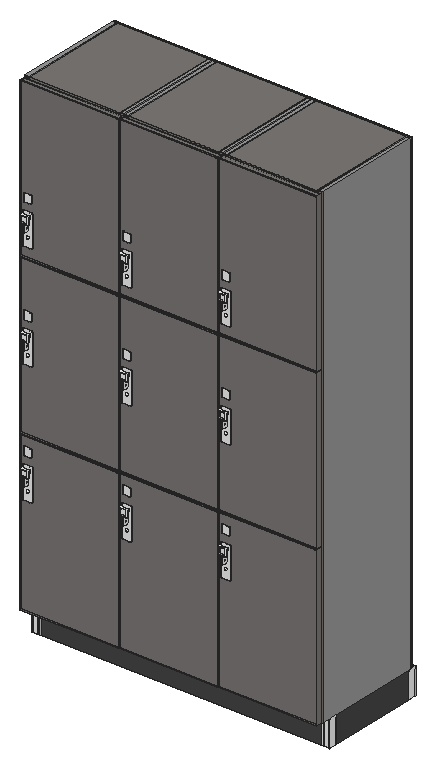
Revit family "Wood_Lockers_Hasps-Salsbury_Industries-15_43000_Series-3_Wide_Units.rfa", category Specialty Equipment, Revit 2016 (continued)
Definition of nested family "Premier Locker Doors_Hasp"
  Forms (in)
    Blend 17, solid
      top sketch origin (-1.875, -1.125, 0) x (0, 0, -1) y (-1, 0, 0)
        loop
          line (-37.93279, 4.80777) -> (-37.93279, 4.06715) -> (-37.19211, 4.06715) -> (-37.19211, 4.80777) -> (-37.93279, 4.80777)
      from 0 to 0.031
    Extrusion 18, solid
      sketch origin (-6.3125, 0, 0) x (0, 0, -1) y (0, -1, 0)
        loop
          line (-35.6844, 1) -> (-36.6844, 1) -> (-36.6844, -0.375) -> (-35.6844, -0.375) -> (-35.6844, 1)
      from -0.063 to 0.063
    Extrusion 19, void
      sketch origin (-6.3125, 35.51803, 36.85077) x (0, 1, 0) y (0, 0, -1)
        loop
          circle (-36.1844, 0.66637) r 0.25
      from -0.063 to 0.063
  Cuts and joins
    Extrusion 5, Extrusion 13 cuts Extrusion 1
    Extrusion 5, Extrusion 11 cuts Extrusion 3
    Extrusion 13 cuts Extrusion 12
    Extrusion 13 cuts Extrusion 2
    Extrusion 19 cuts Extrusion 18
  Lines and regions (in)
    symbolic lines
      curve 1: line (-7.4375, 0.375, 0) -> (7.4375, 0.375, 0)
      curve 2: line (7.4375, 0.375, 0) -> (7.4375, 0.375, 71.75)
      curve 3: line (7.4375, 0.375, 71.75) -> (-7.4375, 0.375, 71.75)
      curve 4: line (-7.4375, 0.375, 71.75) -> (-7.4375, 0.375, 0)
      curve 5: line (-7.4375, 0.375, 71.625) -> (7.4375, 0.375, 71.625)
      curve 6: line (-7.4375, -0.375, 71.625) -> (-7.4375, 0.375, 71.625)
      curve 7: line (7.4375, -0.375, 71.625) -> (-7.4375, -0.375, 71.625)
      curve 8: line (7.4375, 0.375, 71.625) -> (7.4375, -0.375, 71.625)
      curve 9: line (6.8125, 0.375, 71.625) -> (6.8125, 0.625, 71.625)
      curve 10: line (6.8125, 0.625, 71.625) -> (6.3125, 0.625, 71.625)
      curve 11: line (6.3125, 0.625, 71.625) -> (6.3125, 0.375, 71.625)
      curve 12: line (-7.23713, 0.375, 71.625) -> (-7.23713, 0.625, 71.625)
      curve 13: line (-6.7375, 0.375, 71.625) -> (-6.7375, 0.625, 71.625)
      curve 14: line (-6.7375, 0.625, 71.625) -> (-7.23713, 0.625, 71.625)
      curve 15: line (-6.3125, -0.375, 71.75) -> (-6.3125, 0.375, 71.75)
      curve 16: line (-6.3125, -0.375, 0) -> (-6.3125, -0.375, 71.75)
      curve 17: line (-6.3125, 0.375, 0) -> (-6.3125, -0.375, 0)
      curve 18: line (-6.3125, 0.375, 71.75) -> (-6.3125, 0.375, 0)
      curve 19: line (-6.3125, 0.375, 69) -> (-6.3125, 0.625, 69)
      curve 20: line (-6.3125, 0.625, 69) -> (-6.3125, 0.625, 68.5)
      curve 21: line (-6.3125, 0.625, 68.5) -> (-6.3125, 0.375, 68.5)
      curve 22: line (-6.3125, 0.375, 3.25) -> (-6.3125, 0.625, 3.25)
      curve 23: line (-6.3125, 0.625, 3.25) -> (-6.3125, 0.625, 2.75)
      curve 24: line (-6.3125, 0.625, 2.75) -> (-6.3125, 0.375, 2.75)
      curve 25: line (-6.3125, 0.375, 36.125) -> (-6.3125, 0.625, 36.125)
      curve 26: line (-6.3125, 0.625, 36.125) -> (-6.3125, 0.625, 35.625)
      curve 27: line (-6.3125, 0.625, 35.625) -> (-6.3125, 0.375, 35.625)
      curve 28: line (-7.0625, -0.375, 71.625) -> (-5.5625, -0.375, 71.625)
      curve 29: line (-6.9375, -1.125, 38.3125) -> (-5.6875, -1.125, 38.3125)
      curve 30: arc (-5.5625, -1.125, 38.1875) -> (-5.59911, -1.125, 38.27589) -> (-5.6875, -1.125, 38.3125) r 0.125
      curve 31: arc (-6.9375, -1.125, 38.3125) -> (-7.02589, -1.125, 38.27589) -> (-7.0625, -1.125, 38.1875) r 0.125
      curve 32: line (-7.0625, -1.125, 33.5625) -> (-7.0625, -1.125, 38.1875)
      curve 33: line (-5.5625, -1.125, 38.1875) -> (-5.5625, -1.125, 33.5625)
      curve 34: arc (-5.6875, -1.125, 33.4375) -> (-5.59911, -1.125, 33.47411) -> (-5.5625, -1.125, 33.5625) r 0.125
      curve 35: arc (-7.0625, -1.125, 33.5625) -> (-7.02589, -1.125, 33.47411) -> (-6.9375, -1.125, 33.4375) r 0.125
      curve 36: line (-5.6875, -1.125, 33.4375) -> (-6.9375, -1.125, 33.4375)
      curve 37: arc (-6.1245, -1.125, 36.6245) -> (-6.3125, -1.125, 36.8125) -> (-6.5005, -1.125, 36.6245) r 0.188
      curve 38: arc (-6.5005, -1.125, 35.7505) -> (-6.3125, -1.125, 35.5625) -> (-6.1245, -1.125, 35.7505) r 0.188
      curve 39: line (-6.1245, -1.125, 36.6245) -> (-6.1245, -1.125, 35.7505)
      curve 40: line (-6.5005, -1.125, 35.7505) -> (-6.5005, -1.125, 36.6245)
      curve 41: line (-5.6875, -1.125, 36.9375) -> (-6.9375, -1.125, 36.9375)
      curve 42: line (-5.6875, -1.125, 38.1875) -> (-5.6875, -1.125, 36.9375)
      curve 43: line (-6.9375, -1.125, 36.9375) -> (-6.9375, -1.125, 38.1875)
      curve 44: line (-6.9375, -1.125, 38.1875) -> (-5.6875, -1.125, 38.1875)
      curve 45: line (-6.3755, -1.125, 36.6844) -> (-6.2495, -1.125, 36.6844)
      curve 46: line (-6.2495, -1.125, 36.6844) -> (-6.2495, -1.125, 35.6844)
      curve 47: line (-6.3755, -1.125, 35.6844) -> (-6.3755, -1.125, 36.6844)
      curve 48: line (-6.2495, -1.125, 35.6844) -> (-6.3755, -1.125, 35.6844)
      curve 49: line (-6.3125, -1, 36.6844) -> (-6.3125, -0.375, 36.6844)
      curve 50: line (-6.3125, -1, 35.6844) -> (-6.3125, -1, 36.6844)
      curve 51: line (-6.3125, -0.375, 35.6844) -> (-6.3125, -1, 35.6844)
      curve 52: arc (-6.3125, -0.91637, 36.1844) -> (-6.3125, -0.66637, 36.4344) -> (-6.3125, -0.41637, 36.1844) r 0.25
      curve 53: arc (-6.3125, -0.41637, 36.1844) -> (-6.3125, -0.66637, 35.9344) -> (-6.3125, -0.91637, 36.1844) r 0.25
      curve 54: line (-6.3125, -0.375, 37.31817) -> (-6.3125, -0.61642, 37.31817)
      curve 55: arc (-6.3125, -0.77297, 37.19215) -> (-6.3125, -0.71691, 37.28275) -> (-6.3125, -0.61642, 37.31817) r 0.16024
      curve 56: arc (-6.3125, -0.97289, 36.9375) -> (-6.3125, -0.84441, 37.04244) -> (-6.3125, -0.77297, 37.19215) r 0.37946
      curve 57: spline (-6.3125, -1.121, 37.15954) -> (-6.3125, -1.11621, 37.12873) -> (-6.3125, -1.10963, 37.09911) -> (-6.3125, -1.10135, 37.07107) -> (-6.3125, -1.09147, 37.04495) -> (-6.3125, -1.0801, 37.02108) -> (-6.3125, -1.0674, 36.99975) -> (-6.3125, -1.05352, 36.98123) -> (-6.3125, -1.03864, 36.96575) -> (-6.3125, -1.02293, 36.95351) -> (-6.3125, -1.0066, 36.94465) -> (-6.3125, -0.98985, 36.93929) -> (-6.3125, -0.97289, 36.9375)
      curve 58: line (-6.3125, -1.125, 37.15954) -> (-6.3125, -1.125, 37.96546)
      curve 59: spline (-6.3125, -1.121, 37.96546) -> (-6.3125, -1.11621, 37.99627) -> (-6.3125, -1.10963, 38.02589) -> (-6.3125, -1.10135, 38.05393) -> (-6.3125, -1.09147, 38.08005) -> (-6.3125, -1.0801, 38.10392) -> (-6.3125, -1.0674, 38.12525) -> (-6.3125, -1.05352, 38.14377) -> (-6.3125, -1.03864, 38.15925) -> (-6.3125, -1.02293, 38.17149) -> (-6.3125, -1.0066, 38.18035) -> (-6.3125, -0.98985, 38.18571) -> (-6.3125, -0.97289, 38.1875)
      curve 60: arc (-6.3125, -0.97289, 38.1875) -> (-6.3125, -0.84441, 38.08256) -> (-6.3125, -0.77297, 37.93285) r 0.37946
      curve 61: arc (-6.3125, -0.77297, 37.93285) -> (-6.3125, -0.71691, 37.84225) -> (-6.3125, -0.61642, 37.80683) r 0.16024
      curve 62: line (-6.3125, -0.61642, 37.80683) -> (-6.3125, -0.375, 37.80683)
      curve 63: line (-6.55683, -0.61642, 71.625) -> (-6.55683, -0.375, 71.625)
      curve 64: arc (-6.68285, -0.77297, 71.625) -> (-6.59225, -0.71691, 71.625) -> (-6.55683, -0.61642, 71.625) r 0.16024
      curve 65: arc (-6.9375, -0.97289, 71.625) -> (-6.83256, -0.84441, 71.625) -> (-6.68285, -0.77297, 71.625) r 0.37946
      curve 66: line (-5.90954, -1.125, 71.625) -> (-6.71546, -1.125, 71.625)
      curve 67: spline (-5.90954, -1.121, 71.625) -> (-5.87873, -1.11621, 71.625) -> (-5.84911, -1.10963, 71.625) -> (-5.82107, -1.10135, 71.625) -> (-5.79495, -1.09147, 71.625) -> (-5.77108, -1.0801, 71.625) -> (-5.74975, -1.0674, 71.625) -> (-5.73123, -1.05352, 71.625) -> (-5.71575, -1.03864, 71.625) -> (-5.70351, -1.02293, 71.625) -> (-5.69465, -1.0066, 71.625) -> (-5.68929, -0.98985, 71.625) -> (-5.6875, -0.97289, 71.625)
      curve 68: arc (-5.6875, -0.97289, 71.625) -> (-5.79244, -0.84441, 71.625) -> (-5.94215, -0.77297, 71.625) r 0.37946
      curve 69: arc (-5.94215, -0.77297, 71.625) -> (-6.03275, -0.71691, 71.625) -> (-6.06817, -0.61642, 71.625) r 0.16024
      curve 70: line (-6.06817, -0.375, 71.625) -> (-6.06817, -0.61642, 71.625)
      curve 71: spline (-6.71546, -1.121, 71.625) -> (-6.74627, -1.11621, 71.625) -> (-6.77589, -1.10963, 71.625) -> (-6.80393, -1.10135, 71.625) -> (-6.83005, -1.09147, 71.625) -> (-6.85392, -1.0801, 71.625) -> (-6.87525, -1.0674, 71.625) -> (-6.89377, -1.05352, 71.625) -> (-6.90925, -1.03864, 71.625) -> (-6.92149, -1.02293, 71.625) -> (-6.93035, -1.0066, 71.625) -> (-6.93571, -0.98985, 71.625) -> (-6.9375, -0.97289, 71.625)
    reference lines
      curve 72: line (-7.4375, 0, 71.75) -> (6.8435, 0, 71.75)
      curve 73: line (6.8435, 0, 71.75) -> (-7.4375, 0, 71.75)
  Dimensions and locks (in)
    equal spacing: plane 4 "Left Side of Door", plane 3 "Center (Left/Right)", plane 5 "Right Side of Door"
    "Width": plane 4 "Left Side of Door" to plane 5 "Right Side of Door"
    equal spacing: plane 7 "Front of Door", plane 1 "Center (Front/Back)", plane 6 "Back of Door"
    "Depth": plane 7 "Front of Door" to plane 6 "Back of Door"
    equal spacing: plane 9 "Top of Door", plane 10 "Center of Door", plane 8 "Bottom of Door"
    "Height": plane 9 "Top of Door" to plane 8 "Bottom of Door"
    equal spacing: plane 11 "Top of Number Tag", plane 16 "Center of Number Tag", plane 12 "Bottom of Number Tag"
    "Number Tag Height": plane 11 "Top of Number Tag" to plane 12 "Bottom of Number Tag"
    equal spacing: plane 14 "Right Side of Number Tag", plane 15 "Horizontal Center of Number Tag", plane 13 "Left Side of Number Tag"
    "Number Tag Width": plane 14 "Right Side of Number Tag" to plane 13 "Left Side of Number Tag"
    "Number Tag-Horizontal Offset": plane 15 "Horizontal Center of Number Tag" to plane 5 "Right Side of Door"
    "Number Tag-Vertical Offset": plane 9 "Top of Door" to plane 16 "Center of Number Tag"
    "Lock Horizontal Offset": plane 4 "Left Side of Door" to plane 17 "Left Side of Lock"
    equal spacing: plane 20 "Top of Lock", plane 19 "Lock Vertical Center", plane 21 "Bottom of Lock"
    "Lock Height": plane 20 "Top of Lock" to plane 21 "Bottom of Lock"
    "Lock Vertical Offset": plane 9 "Top of Door" to plane 19 "Lock Vertical Center"
    plane 22 "Front of Hasp Stud" to plane 7 "Front of Door" = 0.125"
    locked: plane 24 "Right Side of Door-Left Side of Trim" to plane 5 "Right Side of Door" at 0.125
    locked: plane 4 "Left Side of Door" to plane 23 "Left Side of Door-Right Side of Trim" at 0.125
    locked: plane 9 "Top of Door" to plane 25 "Top of Door-Bottom of Trim" at 0.125
    plane 26 "Bottom of Door-Top of Trim" to plane 8 "Bottom of Door" = 0.125"
    plane 28 "Melamine-Particleboard Line" to plane 6 "Back of Door" = 0.031"
    plane 7 "Front of Door" to plane 27 "Laminate-Particleboard Line" = 0.031"
    plane 27 "Laminate-Particleboard Line" to plane 29 "Back of Number Plate Inset" = 0.031"
    equal spacing: plane 18 "Right Side of Lock", plane 30 "Center of Lock", plane 17 "Left Side of Lock", locked at 0.75 each
    "Lock Width": plane 18 "Right Side of Lock" to plane 17 "Left Side of Lock"
    plane 22 "Front of Hasp Stud" to plane 31 = 0.312"
    plane 6 "Back of Door" to plane 32 "Door Stopper Plane" = 0.250"
    locked: plane 23 "Left Side of Door-Right Side of Trim" to plane 33 at 0.325
    locked: plane 25 "Top of Door-Bottom of Trim" to plane 34 at 0.325
    locked: plane 9 "Top of Door" to plane 35 "Top Hinge" at 3
    plane 36 to plane 5 "Right Side of Door" = 0.625"
    plane 6 "Back of Door" to plane 28 "Melamine-Particleboard Line" = 0.031"
    plane 9 "Top of Door" to plane 25 "Top of Door-Bottom of Trim" = 0.125"
    plane 7 "Front of Door" to plane 38 "Inner Knob" = 0.719"
    locked: plane 38 "Inner Knob" to plane 39 "Front of Knob" at 0.031
    locked: plane 40 to plane 20 "Top of Lock" at 1.125
    locked: plane 21 "Bottom of Lock" to plane 41 at 1.125
    locked: plane 20 "Top of Lock" to plane 42 at 0.125
    locked: plane 18 "Right Side of Lock" to plane 43 at 0.125
    locked: plane 44 to plane 17 "Left Side of Lock" at 0.125
    plane 42 to plane 45 = 1.250"
    locked: plane 45 to plane 46 "Top of Hole" at 0.125
    plane 48 to plane 30 "Center of Lock" to plane 47 = 0.188" locked, 0.188" locked
    locked: plane 46 "Top of Hole" to plane 49 "Bottom of Hole" at 1.25
    plane 49 "Bottom of Hole" to plane 50 "Stud Alignment" = 0.750"
    locked: plane 42 to plane 51 "Center of Handle" at 0.625
    plane 52 to plane 51 "Center of Handle" to plane 53 = 0.188" locked, 0.188" locked
    plane 7 "Front of Door" to plane 39 "Front of Knob" = 0.750"
    locked: plane 42 to plane 54 at 0.22204
    locked: plane 55 to plane 45 at 0.22204
    locked: plane 7 "Front of Door" to plane 56 "Front of Latch" at 0.625
    locked: plane 57 to plane 58 at 1
    locked: plane 46 "Top of Hole" to plane 57 at 0.1281
    equal spacing: plane 58, plane 59, plane 57
    locked: plane 60 to plane 5 "Right Side of Door" at 0.594
    locked: plane 57 to plane 61 at 0.0599
    locked: plane 62 to plane 58 at 0.06376
    plane 12 "Bottom of Number Tag" to plane 20 "Top of Lock" = 1.1875"
    aligned and locked: level to plane 2
    aligned and locked: Extrusion 5 to plane 11 "Top of Number Tag"
    aligned and locked: plane 12 "Bottom of Number Tag" to Extrusion 5
    aligned and locked: Extrusion 5 to plane 14 "Right Side of Number Tag"
    aligned and locked: Extrusion 5 to plane 13 "Left Side of Number Tag"
    aligned and locked: plane 29 "Back of Number Plate Inset" to Extrusion 5
    aligned and locked: plane 7 "Front of Door" to Extrusion 5
    aligned and locked: plane 29 "Back of Number Plate Inset" to Extrusion 6
    aligned and locked: plane 7 "Front of Door" to Extrusion 6
    aligned and locked: Extrusion 6 to plane 14 "Right Side of Number Tag"
    aligned and locked: Extrusion 6 to plane 13 "Left Side of Number Tag"
    aligned and locked: Extrusion 6 to plane 11 "Top of Number Tag"
    aligned and locked: plane 12 "Bottom of Number Tag" to Extrusion 6
    aligned and locked: curve 9 to Extrusion 8
    aligned and locked: curve 10 to Extrusion 8
    aligned and locked: curve 11 to Extrusion 8
    aligned and locked: Extrusion 7 to curve 12
    aligned and locked: curve 14 to Extrusion 7
    aligned and locked: curve 16 to plane 7 "Front of Door"
    aligned and locked: curve 19 to Extrusion 8  (x2)
    aligned and locked: curve 21 to Extrusion 8
    aligned and locked: curve 18 to curve 22
    aligned and locked: curve 22 to Extrusion 9  (x2)
    aligned and locked: curve 24 to Extrusion 9
    aligned and locked: curve 25 to Extrusion 10
    aligned and locked: curve 26 to Extrusion 10
    aligned and locked: curve 27 to Extrusion 10
    aligned and locked: plane 20 "Top of Lock" to Extrusion 11 sketch curve
    aligned and locked: Extrusion 11 sketch curve to plane 21 "Bottom of Lock"
    aligned and locked: Extrusion 11 to plane 29 "Back of Number Plate Inset"
    aligned and locked: plane 7 "Front of Door" to Extrusion 11
    aligned and locked: Extrusion 3 to Extrusion 11
    aligned and locked: Sweep 14 to plane 50 "Stud Alignment"  (x2)
    aligned and locked: Extrusion 15 to plane 7 "Front of Door"
    aligned and locked: Extrusion 15 to plane 22 "Front of Hasp Stud"
    aligned and locked: Extrusion 15 to plane 50 "Stud Alignment"
    aligned and locked: Blend 17 to plane 39 "Front of Knob"
    aligned and locked: plane 38 "Inner Knob" to Blend 17
    aligned and locked: plane 6 "Back of Door" to Extrusion 18 sketch curve
    aligned and locked: plane 56 "Front of Latch" to Extrusion 18 sketch curve
    aligned and locked: Extrusion 18 to plane 57
    aligned and locked: plane 58 to Extrusion 18
    aligned and locked: plane 59 to cut or joined group of Extrusion 18, Extrusion 19
    aligned and locked: Extrusion 13 sketch curve to plane 61  (x2)
    aligned and locked: Extrusion 13 sketch curve to plane 62  (x2)
  Automatic sketch dimensions
    Extrusion 1 sketch curve to plane 4 "Left Side of Door" = 0.031"
    plane 5 "Right Side of Door" to Extrusion 1 sketch curve = 0.031"
    level to Extrusion 1 sketch curve = 0.031"
    plane 9 "Top of Door" to Extrusion 1 sketch curve = 0.031"
    Extrusion 2 sketch curve to plane 4 "Left Side of Door" = 0.031"
    plane 5 "Right Side of Door" to Extrusion 2 sketch curve = 0.031"
    level to Extrusion 2 sketch curve = 0.031"
    plane 9 "Top of Door" to Extrusion 2 sketch curve = 0.031"
    Extrusion 3 sketch curve to plane 4 "Left Side of Door" = 0.031"
    plane 5 "Right Side of Door" to Extrusion 3 sketch curve = 0.031"
    level to Extrusion 3 sketch curve = 0.031"
    plane 9 "Top of Door" to Extrusion 3 sketch curve = 0.031"
    plane 23 "Left Side of Door-Right Side of Trim" to Sweep 4 sketch curve = 0.000"
    plane 24 "Right Side of Door-Left Side of Trim" to Sweep 4 sketch curve = 0.000"  (x2)
    Sweep 4 sketch curve to plane 26 "Bottom of Door-Top of Trim" = 0.000"
    Sweep 4 sketch curve to plane 25 "Top of Door-Bottom of Trim" = 0.000"
    profile plane to Sweep 4 sketch curve = 0.125"
    Sweep 4 sketch curve to Sweep 4 sketch curve = 0.031"
    Sweep 4 sketch curve to plane 1 "Center (Front/Back)" = 0.375"
    plane 1 "Center (Front/Back)" to Sweep 4 sketch curve = 0.375"
    Extrusion 7 sketch curve to plane 33 = 0.000"
    Extrusion 7 sketch curve to plane 34 = 0.000"
    plane 36 to Extrusion 8 sketch curve = 0.000"
    Extrusion 8 sketch curve to Extrusion 8 sketch curve = 0.500"
    plane 35 "Top Hinge" to Extrusion 8 sketch curve = 0.250"
    Extrusion 8 sketch curve to plane 35 "Top Hinge" = 0.250"
    plane 36 to Extrusion 9 sketch curve = 0.000"
    Extrusion 9 sketch curve to Extrusion 9 sketch curve = 0.500"
    plane 37 "Bottom Hinge" to Extrusion 9 sketch curve = 0.250"
    Extrusion 9 sketch curve to plane 37 "Bottom Hinge" = 0.250"
    plane 36 to Extrusion 10 sketch curve = 0.000"
    Extrusion 10 sketch curve to Extrusion 10 sketch curve = 0.500"
    curve 4 to level = 0.000"
    plane 4 "Left Side of Door" to curve 4 = 0.000"
    plane 5 "Right Side of Door" to curve 3 = 0.000"
    curve 3 to plane 9 "Top of Door" = 0.000"
    Extrusion 5 sketch curve to plane 13 "Left Side of Number Tag" = 0.000"
    Extrusion 5 sketch curve to plane 12 "Bottom of Number Tag" = 0.000"
    Extrusion 5 sketch curve to plane 11 "Top of Number Tag" = 0.000"
    Extrusion 5 sketch curve to plane 14 "Right Side of Number Tag" = 0.000"
    Extrusion 6 sketch curve to plane 13 "Left Side of Number Tag" = 0.000"
    Extrusion 6 sketch curve to plane 12 "Bottom of Number Tag" = 0.000"
    Extrusion 6 sketch curve to plane 11 "Top of Number Tag" = 0.000"
    Extrusion 6 sketch curve to plane 14 "Right Side of Number Tag" = 0.000"
    Extrusion 11 sketch curve to plane 13 "Left Side of Number Tag" = 0.125"
    Extrusion 10 sketch curve to plane 10 "Center of Door" = 0.250"
    plane 10 "Center of Door" to Extrusion 10 sketch curve = 0.250"
    Extrusion 11 sketch curve to plane 21 "Bottom of Lock" = 0.125"
    plane 13 "Left Side of Number Tag" to Extrusion 5 sketch curve = 0.14916"
    Extrusion 5 sketch curve to Extrusion 5 sketch curve = 0.14916"  (x2)
    plane 13 "Left Side of Number Tag" to Extrusion 6 sketch curve = 0.14916"
    Extrusion 6 sketch curve to plane 12 "Bottom of Number Tag" = 0.14916"
    plane 13 "Left Side of Number Tag" to Extrusion 11 sketch curve = 0.000"  (x2)
    Extrusion 5 sketch curve to plane 12 "Bottom of Number Tag" = 0.14916"
    Extrusion 6 sketch curve to plane 14 "Right Side of Number Tag" = 0.14916"  (x2)
    plane 14 "Right Side of Number Tag" to Extrusion 11 sketch curve = 0.000"  (x2)
    Extrusion 12 sketch curve to plane 17 "Left Side of Lock" = 0.000"
    plane 13 "Left Side of Number Tag" to Extrusion 12 sketch curve = 0.000"  (x2)
    plane 14 "Right Side of Number Tag" to Extrusion 12 sketch curve = 0.000"  (x2)
    Extrusion 12 sketch curve to plane 20 "Top of Lock" = 0.000"
    Extrusion 12 sketch curve to plane 18 "Right Side of Lock" = 0.000"
    Extrusion 12 sketch curve to plane 21 "Bottom of Lock" = 0.125"
    plane 15 "Horizontal Center of Number Tag" to Sweep 14 sketch curve = 0.000"
    Sweep 14 sketch curve to plane 50 "Stud Alignment" = 0.000"
    Sweep 14 sketch curve to plane 7 "Front of Door" = 0.000"
    Sweep 14 sketch curve to profile plane = 0.000"
    profile plane to Sweep 14 sketch curve = 0.00168"
    profile plane to Sweep 14 sketch curve = 0.156"
    Sweep 14 sketch curve to plane 7 "Front of Door" = 0.03275"
    Extrusion 15 sketch curve to Extrusion 15 sketch curve = 0.000"  (x2)
    Extrusion 15 sketch curve to plane 50 "Stud Alignment" = 0.000"
    plane 15 "Horizontal Center of Number Tag" to Extrusion 15 sketch curve = 0.000"
    plane 15 "Horizontal Center of Number Tag" to Extrusion 15 sketch curve = 0.010"
    plane 13 "Left Side of Number Tag" to Sweep 16 sketch curve = 0.000"
    plane 14 "Right Side of Number Tag" to Sweep 16 sketch curve = 0.000"
    Sweep 16 sketch curve to plane 45 = 0.000"
    Sweep 16 sketch curve to plane 42 = 0.000"
    Sweep 16 sketch curve to plane 7 "Front of Door" = 0.000"
    profile plane to Sweep 16 sketch curve = 0.000"
    profile plane to Sweep 16 sketch curve = 0.22043"
    Sweep 16 sketch curve to Sweep 16 sketch curve = 0.01681"
    profile plane to Sweep 16 sketch curve = 0.33926"
    Sweep 16 sketch curve to Sweep 16 sketch curve = 0.14344"
    Sweep 16 sketch curve to Sweep 16 sketch curve = 0.15329"
    Sweep 16 sketch curve to Sweep 16 sketch curve = 0.59563"
    Sweep 16 sketch curve to Sweep 16 sketch curve = 0.24142"
    Sweep 16 sketch curve to Sweep 16 sketch curve = 0.00858"
    Sweep 16 sketch curve to Sweep 16 sketch curve = 0.51788"
    Sweep 16 sketch curve to Sweep 16 sketch curve = 0.31119"
    Sweep 16 sketch curve to Sweep 16 sketch curve = 0.11721"
    Sweep 16 sketch curve to Sweep 16 sketch curve = 0.01742"
    Sweep 16 sketch curve to Sweep 16 sketch curve = 0.06553"
    Sweep 16 sketch curve to Sweep 16 sketch curve = 0.000"
    Blend 17 sketch curve to plane 54 = 0.000"
    Blend 17 sketch curve to plane 55 = 0.000"
    Blend 17 sketch curve to plane 47 = 0.21496"
    plane 48 to Blend 17 sketch curve = 0.21496"
    plane 54 to Blend 17 sketch curve = 0.03267"
    Blend 17 sketch curve to plane 40 = 0.00461"
    Blend 17 sketch curve to plane 47 = 0.18235"
    plane 48 to Blend 17 sketch curve = 0.18227"
    Extrusion 18 sketch curve to plane 57 = 0.000"
    Extrusion 18 sketch curve to plane 58 = 0.000"
    plane 59 to Extrusion 19 sketch curve = 0.000"
    Extrusion 19 sketch curve to plane 22 "Front of Hasp Stud" = 0.16637"
    curve 29 to plane 14 "Right Side of Number Tag" = 0.000"
    curve 29 to plane 20 "Top of Lock" = 0.000"
    curve 30 to plane 18 "Right Side of Lock" = 0.000"
    curve 29 to plane 13 "Left Side of Number Tag" = 0.000"
    curve 31 to plane 42 = 0.000"
    curve 32 to plane 21 "Bottom of Lock" = 0.125"
    curve 34 to plane 14 "Right Side of Number Tag" = 0.000"
    curve 35 to plane 13 "Left Side of Number Tag" = 0.000"
    plane 15 "Horizontal Center of Number Tag" to curve 37 = 0.000"
    plane 47 to curve 37 = 0.000"
    plane 57 to curve 37 = 0.0599"
    curve 39 to plane 58 = 0.0661"
    curve 42 to plane 14 "Right Side of Number Tag" = 0.000"
    curve 41 to plane 13 "Left Side of Number Tag" = 0.000"
    curve 41 to plane 45 = 0.000"
    curve 43 to plane 42 = 0.000"
    curve 46 to plane 57 = 0.000"
    curve 46 to plane 15 "Horizontal Center of Number Tag" = 0.063"
    plane 15 "Horizontal Center of Number Tag" to curve 45 = 0.063"
    curve 47 to plane 58 = 0.000"
    curve 15 to plane 6 "Back of Door" = 0.000"
    plane 9 "Top of Door" to curve 15 = 0.000"
    plane 57 to curve 49 = 0.000"
    curve 51 to plane 56 "Front of Latch" = 0.000"
    plane 58 to curve 51 = 0.000"
    curve 17 to level = 0.000"
    plane 59 to curve 52 = 0.000"
    curve 53 to plane 22 "Front of Hasp Stud" = 0.16637"
    plane 7 "Front of Door" to curve 53 = 0.04137"
    plane 53 to curve 54 = 0.05633"
    curve 54 to plane 22 "Front of Hasp Stud" = 0.11642"
    plane 55 to curve 55 = 0.00161"
    curve 55 to plane 40 = 0.00465"
    plane 45 to curve 56 = 0.000"
    curve 56 to plane 39 "Front of Knob" = 0.01788"
    curve 56 to plane 40 = 0.08926"
    plane 55 to curve 57 = 0.000"
    curve 57 to plane 40 = 0.03757"
    plane 39 "Front of Knob" to curve 57 = 0.004"
    plane 42 to curve 60 = 0.000"
    curve 58 to plane 39 "Front of Knob" = 0.000"
    plane 54 to curve 58 = 0.000"
    plane 54 to curve 59 = 0.000"
    plane 55 to curve 58 = 0.000"
    curve 60 to plane 39 "Front of Knob" = 0.01788"
    curve 60 to plane 52 = 0.09774"
    plane 54 to curve 60 = 0.03261"
    plane 56 "Front of Latch" to curve 59 = 0.02711"
    plane 54 to curve 59 = 0.06553"
    plane 39 "Front of Knob" to curve 59 = 0.004"
    curve 61 to plane 54 = 0.00161"
    curve 61 to plane 22 "Front of Hasp Stud" = 0.11642"
    plane 6 "Back of Door" to curve 9 = 0.000"
    curve 6 to plane 4 "Left Side of Door" = 0.000"
    plane 7 "Front of Door" to curve 6 = 0.000"
    plane 7 "Front of Door" to curve 28 = 0.000"
    curve 67 to plane 14 "Right Side of Number Tag" = 0.000"
    curve 65 to plane 13 "Left Side of Number Tag" = 0.000"
    curve 66 to plane 39 "Front of Knob" = 0.000"
    curve 28 to plane 17 "Left Side of Lock" = 0.000"
    curve 28 to plane 18 "Right Side of Lock" = 0.000"
    curve 8 to plane 5 "Right Side of Door" = 0.000"
    curve 64 to plane 22 "Front of Hasp Stud" = 0.11642"
    curve 69 to plane 22 "Front of Hasp Stud" = 0.11642"
    curve 68 to plane 39 "Front of Knob" = 0.01788"
    curve 65 to plane 39 "Front of Knob" = 0.01788"
    curve 14 to plane 23 "Left Side of Door-Right Side of Trim" = 0.07537"
    plane 48 to curve 64 = 0.21657"
    plane 48 to curve 65 = 0.09774"
    plane 48 to curve 63 = 0.05633"
    curve 70 to plane 47 = 0.05633"
    curve 68 to plane 47 = 0.09774"
    curve 69 to curve 69 = 0.16024"
    curve 64 to curve 65 = 0.15655"
    curve 69 to curve 68 = 0.15655"
    plane 39 "Front of Knob" to curve 67 = 0.004"
    plane 33 to curve 14 = 0.250"
    curve 66 to curve 65 = 0.11721"
    curve 67 to plane 47 = 0.14943"
    curve 68 to curve 66 = 0.11721"
    curve 67 to curve 66 = 0.000"
    plane 39 "Front of Knob" to curve 71 = 0.004"
    curve 71 to curve 66 = 0.000"
    plane 48 to curve 71 = 0.14943"
    plane 1 "Center (Front/Back)" to curve 73 = 0.000"
    curve 73 to plane 4 "Left Side of Door" = 0.000"
    curve 73 to plane 60 = 0.000"
    plane 48 to Extrusion 13 sketch curve = 0.000"
    plane 15 "Horizontal Center of Number Tag" to Extrusion 13 sketch curve = 0.000"
    radius of Extrusion 7 sketch curve = 0.250"
    radius of Sweep 14 sketch curve = 0.010"
    radius of Extrusion 19 sketch curve = 0.250"
Definition of nested family "Wood Locker Bases"
  Parameters (values of type "Base - 12" W x 15" D Lockers")
    Width = 12.000"
    Visible Base = yes
    Visible = no
    Model = "Base - 12\" W x 15\" D Lockers"
    Manufacturer = "Salsbury Industries"
    Height = 4.000"
    Depth = 13.250"
    Base Secondary Material = none
    Base Primary Materials = none
    Base Hardware = none
  Types (14): name | Width | Visible Base | Visible | Model | Depth
    (no name) | 12.000" | yes | no | "Base - 12\" W x 15\" D Lockers" | 13.250"
    Base - 12" W x 15" D Lockers | 12.000" | yes | no | "Base - 12\" W x 15\" D Lockers" | 13.250"
    Base - 12" W x 18" D Lockers | 12.000" | yes | no | "Base - 12\" W x 18\" D Lockers" | 16.250"
    Base - 12" W x 21" D Lockers | 12.000" | yes | no | "Base - 12\" W x 21\" D Lockers" | 19.250"
    Base - 36" W x 15" D Lockers | 36.000" | yes | yes | "Base - 36\" W x 15\" D Lockers" | 13.250"
    Base - 36" W x 18" D Lockers | 36.000" | yes | yes | "Base - 36\" W x 18\" D Lockers" | 16.250"
    Base - 36" W x 21" D Lockers | 36.000" | yes | yes | "Base - 36\" W x 21\" D Lockers" | 19.250"
    Base - 15" W x 18" D Lockers | 15.000" | yes | no | "Base - 15\" W x 18\" D Lockers" | 16.250"
    Base - 15" W x 21" D Lockers | 15.000" | yes | no | "Base - 15\" W x 21\" D Lockers" | 19.250"
    Base - 15" W x 24" D Lockers | 15.000" | yes | no | "Base - 15\" W x 24\" D Lockers" | 22.250"
    Base - 45" W x 18" D Lockers | 45.000" | yes | yes | "Base - 45\" W x 18\" D Lockers" | 16.250"
    Base - 45" W x 21" D Lockers | 45.000" | yes | yes | "Base - 45\" W x 21\" D Lockers" | 19.250"
    Base - 45" W x 24" D Lockers | 45.000" | yes | yes | "Base - 45\" W x 24\" D Lockers" | 22.250"
    None | 12.000" | no | no | "Base - 12\" W x 15\" D Lockers" | 13.250"
  Reference planes (in)
    plane 1 "Center (Front/Back)": y = 0
    plane 2: z = 0
    plane 3 "Center (Left/Right)": x = 0
    plane 4 "Left Edge": x = -6
    plane 5 "Right Edge": x = 6
    plane 6 "Back Edge": y = 6.625
    plane 7 "Front Edge": y = -6.625
    plane 8 "Bottom Edge": z = 0
    plane 9 "Top Edge": z = 4
    plane 10: x = -4.75
    plane 11: x = -4.102
    plane 12: y = 6.562
    plane 13: y = 5.8
    plane 14: x = -5.131
    plane 15: x = -5.256
    plane 16: x = -5.937
    plane 17: x = -5.175
    plane 18: y = 4.727
    plane 19: y = 5.375
    plane 20: y = 5.756
    plane 21: y = 5.881
    plane 22: x = -5.931
    plane 23: x = 5.931
    plane 24: y = 6.556
    plane 25: y = -6.556
    plane 26: y = 6.525
    plane 27: y = -6.525
    plane 28: x = -5.9
    plane 29: x = 5.9
    plane 30: x = -2.375
    plane 31: x = 2.375
  Forms (in)
    Extrusion 1, solid, material <- "Base Hardware", visible <- "Visible Base"
      sketch origin (0, 0, 0) x (1, 0, 0) y (0, 1, 0)
        loop
          arc (-5.96712, 6.625) -> (-5.99098, 6.61598) -> (-6, 6.59212) r 0.031
          line (-6, 6.59212) -> (-6, 5.4065)
          arc (-6, 5.4065) -> (-5.9685, 5.375) -> (-5.937, 5.4065) r 0.0315
          line (-5.937, 5.4065) -> (-5.937, 5.756) -> (-5.837, 5.756) -> (-5.837, 5.819) -> (-5.937, 5.819) -> (-5.937, 6.51465) -> (-5.256, 5.83365) -> (-5.256, 5.756) -> (-5.175, 5.756) -> (-5.175, 4.75833)
          arc (-5.175, 4.75833) -> (-5.14367, 4.727) -> (-5.11235, 4.75833) r 0.03133
          line (-5.11235, 4.75833) -> (-5.11235, 5.73703) -> (-4.13348, 5.73703)
          arc (-4.13348, 5.73703) -> (-4.102, 5.76852) -> (-4.13348, 5.8) r 0.03148
          line (-4.13348, 5.8) -> (-5.131, 5.8) -> (-5.131, 5.881) -> (-5.21422, 5.881) -> (-5.89522, 6.562) -> (-5.194, 6.562) -> (-5.194, 6.462) -> (-5.131, 6.462) -> (-5.131, 6.562) -> (-4.7814, 6.562)
          arc (-4.7814, 6.562) -> (-4.7499, 6.5935) -> (-4.7814, 6.625) r 0.0315
          line (-4.7814, 6.625) -> (-5.96712, 6.625)
      from 0 to 4
    Extrusion 2, solid, material <- "Base Hardware", visible <- "Visible Base"
      sketch origin (0, 0, 0) x (-1, 0, 0) y (0, -1, 0)
        loop
          line (-5.96712, -6.625) -> (-4.7814, -6.625)
          arc (-4.7814, -6.625) -> (-4.7499, -6.5935) -> (-4.7814, -6.562) r 0.0315
          line (-4.7814, -6.562) -> (-5.131, -6.562) -> (-5.131, -6.462) -> (-5.194, -6.462) -> (-5.194, -6.562) -> (-5.89522, -6.562) -> (-5.21422, -5.881) -> (-5.131, -5.881) -> (-5.131, -5.8) -> (-4.13348, -5.8)
          arc (-4.13348, -5.8) -> (-4.102, -5.76852) -> (-4.13348, -5.73703) r 0.03148
          line (-4.13348, -5.73703) -> (-5.11235, -5.73703) -> (-5.11235, -4.75833)
          arc (-5.11235, -4.75833) -> (-5.14367, -4.727) -> (-5.175, -4.75833) r 0.03133
          line (-5.175, -4.75833) -> (-5.175, -5.756) -> (-5.256, -5.756) -> (-5.256, -5.83365) -> (-5.937, -6.51465) -> (-5.937, -5.819) -> (-5.837, -5.819) -> (-5.837, -5.756) -> (-5.937, -5.756) -> (-5.937, -5.4065)
          arc (-5.937, -5.4065) -> (-5.9685, -5.375) -> (-6, -5.4065) r 0.0315
          line (-6, -5.4065) -> (-6, -6.59212)
          arc (-6, -6.59212) -> (-5.99098, -6.61598) -> (-5.96712, -6.625) r 0.031
      from 0 to 4
    Extrusion 3, solid, material <- "Base Hardware", visible <- "Visible Base"
      sketch origin (0, 0, 0) x (1, 0, 0) y (0, 1, 0)
        loop
          line (-5.96712, -6.625) -> (-4.7814, -6.625)
          arc (-4.7814, -6.625) -> (-4.7499, -6.5935) -> (-4.7814, -6.562) r 0.0315
          line (-4.7814, -6.562) -> (-5.131, -6.562) -> (-5.131, -6.462) -> (-5.194, -6.462) -> (-5.194, -6.562) -> (-5.89522, -6.562) -> (-5.21422, -5.881) -> (-5.131, -5.881) -> (-5.131, -5.8) -> (-4.13348, -5.8)
          arc (-4.13348, -5.8) -> (-4.102, -5.76852) -> (-4.13348, -5.73703) r 0.03148
          line (-4.13348, -5.73703) -> (-5.11235, -5.73703) -> (-5.11235, -4.75833)
          arc (-5.11235, -4.75833) -> (-5.14367, -4.727) -> (-5.175, -4.75833) r 0.03133
          line (-5.175, -4.75833) -> (-5.175, -5.756) -> (-5.256, -5.756) -> (-5.256, -5.83365) -> (-5.937, -6.51465) -> (-5.937, -5.819) -> (-5.837, -5.819) -> (-5.837, -5.756) -> (-5.937, -5.756) -> (-5.937, -5.4065)
          arc (-5.937, -5.4065) -> (-5.9685, -5.375) -> (-6, -5.4065) r 0.0315
          line (-6, -5.4065) -> (-6, -6.59212)
          arc (-6, -6.59212) -> (-5.99098, -6.61598) -> (-5.96712, -6.625) r 0.031
      from 0 to 4
    Extrusion 4, solid, material <- "Base Hardware", visible <- "Visible Base"
      sketch origin (0, 0, 0) x (-1, 0, 0) y (0, -1, 0)
        loop
          arc (-5.96712, 6.625) -> (-5.99098, 6.61598) -> (-6, 6.59212) r 0.031
          line (-6, 6.59212) -> (-6, 5.4065)
          arc (-6, 5.4065) -> (-5.9685, 5.375) -> (-5.937, 5.4065) r 0.0315
          line (-5.937, 5.4065) -> (-5.937, 5.756) -> (-5.837, 5.756) -> (-5.837, 5.819) -> (-5.937, 5.819) -> (-5.937, 6.51465) -> (-5.256, 5.83365) -> (-5.256, 5.756) -> (-5.175, 5.756) -> (-5.175, 4.75833)
          arc (-5.175, 4.75833) -> (-5.14367, 4.727) -> (-5.11235, 4.75833) r 0.03133
          line (-5.11235, 4.75833) -> (-5.11235, 5.73703) -> (-4.13348, 5.73703)
          arc (-4.13348, 5.73703) -> (-4.102, 5.76852) -> (-4.13348, 5.8) r 0.03148
          line (-4.13348, 5.8) -> (-5.131, 5.8) -> (-5.131, 5.881) -> (-5.21422, 5.881) -> (-5.89522, 6.562) -> (-5.194, 6.562) -> (-5.194, 6.462) -> (-5.131, 6.462) -> (-5.131, 6.562) -> (-4.7814, 6.562)
          arc (-4.7814, 6.562) -> (-4.7499, 6.5935) -> (-4.7814, 6.625) r 0.0315
          line (-4.7814, 6.625) -> (-5.96712, 6.625)
      from 0 to 4
    Extrusion 5, solid, material <- "Base Secondary Material", visible <- "Visible Base"
      sketch origin (0, 0, 0) x (0, -1, 0) y (1, 0, 0)
        loop
          line (-5.756, 5.9) -> (-5.756, 5.181) -> (5.75697, 5.181) -> (5.75697, 5.9) -> (-5.756, 5.9)
      from 0 to 4
    Extrusion 6, solid, material <- "Base Secondary Material", visible <- "Visible Base"
      sketch origin (0, 0, 0) x (0, -1, 0) y (1, 0, 0)
        loop
          line (-5.756, -5.9) -> (5.75697, -5.9) -> (5.75697, -5.181) -> (-5.756, -5.181) -> (-5.756, -5.9)
      from 0 to 4
    Extrusion 7, solid, material <- "Base Secondary Material", visible <- "Visible Base"
      sketch origin (-2.05521, 0.625, 0) x (1, 0, 0) y (0, 1, 0)
        loop
          line (-3.07579, 5.9) -> (-3.07579, 5.181) -> (7.18621, 5.181) -> (7.18621, 5.9) -> (-3.07579, 5.9)
      from 0 to 4
    Extrusion 8, solid, material <- "Base Secondary Material", visible <- "Visible Base"
      sketch origin (-2.05521, -0.625, 0) x (1, 0, 0) y (0, 1, 0)
        loop
          line (-3.07579, -5.9) -> (7.18621, -5.9) -> (7.18621, -5.181) -> (-3.07579, -5.181) -> (-3.07579, -5.9)
      from 0 to 4
    Extrusion 9, solid, material <- "Base Primary Materials", visible <- "Visible Base"
      sketch origin (0.76452, 0, 0) x (0, -1, 0) y (1, 0, 0)
        loop
          line (-5.756, 5.16648) -> (-5.756, 5.13548) -> (5.75697, 5.13548) -> (5.75697, 5.16648) -> (-5.756, 5.16648)
      from 0 to 4
    Extrusion 10, solid, material <- "Base Primary Materials", visible <- "Visible Base"
      sketch origin (-0.719, 0, 0) x (0, -1, 0) y (1, 0, 0)
        loop
          line (-5.756, -5.212) -> (5.75697, -5.212) -> (5.75697, -5.181) -> (-5.756, -5.181) -> (-5.756, -5.212)
      from 0 to 4
    Extrusion 11, solid, material <- "Base Primary Materials", visible <- "Visible Base"
      sketch origin (-2.05521, 1.344, 0) x (1, 0, 0) y (0, 1, 0)
        loop
          line (-3.07579, 5.218) -> (-3.07579, 5.181) -> (7.18621, 5.181) -> (7.18621, 5.218) -> (-3.07579, 5.218)
      from 0 to 4
    Extrusion 12, solid, material <- "Base Primary Materials", visible <- "Visible Base"
      sketch origin (-2.05521, -1.344, 0) x (1, 0, 0) y (0, 1, 0)
        loop
          line (-3.07579, -5.212) -> (7.18621, -5.212) -> (7.18621, -5.181) -> (-3.07579, -5.181) -> (-3.07579, -5.212)
      from 0 to 4
    Extrusion 13, solid, material <- "Base Secondary Material", visible <- "Visible"
      sketch origin (0, 0, 4) x (0, -1, 0) y (1, 0, 0)
        loop
          line (-5.806, -2.375) -> (5.806, -2.375) -> (5.806, 2.375) -> (-5.806, 2.375) -> (-5.806, -2.375)
      from 0 to -0.75
    Extrusion 14, solid, material <- "Base Secondary Material", visible <- "Visible"
      sketch origin (0, 0, 0) x (0, -1, 0) y (1, 0, 0)
        loop
          line (-5.806, -2.375) -> (-5.056, -2.375) -> (-5.056, 2.375) -> (-5.806, 2.375) -> (-5.806, -2.375)
      from 0 to 3.25
    Extrusion 15, solid, material <- "Base Secondary Material", visible <- "Visible"
      sketch origin (0, 0, 0) x (0, 1, 0) y (-1, 0, 0)
        loop
          line (-5.806, 2.375) -> (-5.806, -2.375) -> (-5.056, -2.375) -> (-5.056, 2.375) -> (-5.806, 2.375)
      from 0 to 3.25
  Dimensions and locks (in)
    equal spacing: plane 4 "Left Edge", plane 3 "Center (Left/Right)", plane 5 "Right Edge"
    "Width": plane 4 "Left Edge" to plane 5 "Right Edge"
    equal spacing: plane 7 "Front Edge", plane 1 "Center (Front/Back)", plane 6 "Back Edge"
    "Depth": plane 7 "Front Edge" to plane 6 "Back Edge"
    "Height": plane 9 "Top Edge" to plane 8 "Bottom Edge"
    locked: plane 4 "Left Edge" to plane 10 at 1.25
    locked: plane 4 "Left Edge" to plane 11 at 1.898
    locked: plane 12 to plane 6 "Back Edge" at 0.063
    plane 14 to plane 10 = 0.381"
    locked: plane 12 to plane 13 at 0.762
    locked: plane 4 "Left Edge" to plane 16 at 0.063
    locked: plane 16 to plane 17 at 0.762
    locked: plane 19 to plane 6 "Back Edge" at 1.25
    locked: plane 18 to plane 6 "Back Edge" at 1.898
    plane 15 to plane 17 = 0.081"
    plane 21 to plane 13 = 0.081"
    plane 19 to plane 20 = 0.381"
    plane 24 to plane 6 "Back Edge" = 0.069"
    plane 7 "Front Edge" to plane 25 = 0.069"
    plane 23 to plane 5 "Right Edge" = 0.069"
    plane 4 "Left Edge" to plane 22 = 0.069"
    plane 26 to plane 24 = 0.031"
    plane 25 to plane 27 = 0.031"
    plane 22 to plane 28 = 0.031"
    plane 29 to plane 23 = 0.031"
    plane 30 to plane 3 "Center (Left/Right)" to plane 31 = 2.375" locked, 2.375" locked
    aligned and locked: level to plane 2
    aligned and locked: plane 30 to Extrusion 13
    aligned and locked: plane 30 to Extrusion 14
    aligned and locked: plane 30 to Extrusion 15
    aligned and locked: Extrusion 13 to plane 31
    aligned and locked: Extrusion 14 to plane 31
    aligned and locked: Extrusion 15 to plane 31
  Automatic sketch dimensions
    Extrusion 1 sketch curve to plane 4 "Left Edge" = 0.000"
    plane 6 "Back Edge" to Extrusion 1 sketch curve = 0.000"
    Extrusion 1 sketch curve to plane 16 = 0.000"  (x2)
    Extrusion 1 sketch curve to plane 12 = 0.000"  (x2)
    plane 20 to Extrusion 1 sketch curve = 0.000"  (x2)
    Extrusion 1 sketch curve to plane 15 = 0.000"
    plane 21 to Extrusion 1 sketch curve = 0.000"
    Extrusion 1 sketch curve to plane 17 = 0.000"
    Extrusion 1 sketch curve to plane 14 = 0.000"  (x2)
    Extrusion 1 sketch curve to plane 13 = 0.000"
    Extrusion 1 sketch curve to plane 4 "Left Edge" = 0.03094"
    plane 16 to Extrusion 1 sketch curve = 0.03012"
    Extrusion 1 sketch curve to plane 28 = 0.00478"
    Extrusion 1 sketch curve to plane 28 = 0.063"
    plane 17 to Extrusion 1 sketch curve = 0.03922"
    plane 17 to Extrusion 1 sketch curve = 0.019"
    plane 14 to Extrusion 1 sketch curve = 0.01267"
    plane 10 to Extrusion 1 sketch curve = 0.0314"
    plane 11 to Extrusion 1 sketch curve = 0.03148"
    plane 20 to Extrusion 1 sketch curve = 0.01897"
    Extrusion 1 sketch curve to plane 19 = 0.0315"
    Extrusion 1 sketch curve to plane 18 = 0.03133"
    plane 13 to Extrusion 1 sketch curve = 0.019"
    plane 13 to Extrusion 1 sketch curve = 0.03365"
    plane 26 to Extrusion 1 sketch curve = 0.063"
    plane 26 to Extrusion 1 sketch curve = 0.01035"
    plane 12 to Extrusion 1 sketch curve = 0.03012"
    Extrusion 2 sketch curve to plane 5 "Right Edge" = 0.000"
    plane 6 "Back Edge" to Extrusion 2 sketch curve = 0.000"
    plane 20 to Extrusion 2 sketch curve = 0.000"  (x2)
    plane 12 to Extrusion 2 sketch curve = 0.000"  (x2)
    plane 21 to Extrusion 2 sketch curve = 0.000"
    plane 13 to Extrusion 2 sketch curve = 0.000"
    Extrusion 2 sketch curve to plane 5 "Right Edge" = 0.03094"
    Extrusion 2 sketch curve to Extrusion 2 sketch curve = 0.0315"
    Extrusion 2 sketch curve to Extrusion 2 sketch curve = 0.00194"
    plane 23 to Extrusion 2 sketch curve = 0.006"
    Extrusion 2 sketch curve to plane 29 = 0.00478"
    Extrusion 2 sketch curve to plane 29 = 0.063"
    Extrusion 2 sketch curve to plane 13 = 0.03365"
    Extrusion 2 sketch curve to Extrusion 2 sketch curve = 0.581"
    Extrusion 2 sketch curve to Extrusion 2 sketch curve = 0.04178"
    Extrusion 2 sketch curve to plane 26 = 0.063"
    Extrusion 2 sketch curve to Extrusion 2 sketch curve = 0.02022"
    plane 18 to Extrusion 2 sketch curve = 0.03133"
    Extrusion 2 sketch curve to plane 29 = 0.725"
    Extrusion 2 sketch curve to Extrusion 2 sketch curve = 0.03133"
    Extrusion 2 sketch curve to Extrusion 2 sketch curve = 0.063"
    Extrusion 2 sketch curve to Extrusion 2 sketch curve = 0.08322"
    Extrusion 2 sketch curve to Extrusion 2 sketch curve = 0.3496"
    Extrusion 2 sketch curve to Extrusion 2 sketch curve = 0.97886"
    plane 19 to Extrusion 2 sketch curve = 0.0315"
    Extrusion 2 sketch curve to plane 20 = 0.01897"
    Extrusion 2 sketch curve to plane 13 = 0.019"
    Extrusion 2 sketch curve to plane 26 = 0.01035"
    Extrusion 2 sketch curve to plane 12 = 0.03012"
    Extrusion 3 sketch curve to plane 4 "Left Edge" = 0.000"
    plane 7 "Front Edge" to Extrusion 3 sketch curve = 0.000"
    Extrusion 3 sketch curve to plane 16 = 0.000"  (x2)
    Extrusion 3 sketch curve to plane 15 = 0.000"
    Extrusion 3 sketch curve to plane 17 = 0.000"
    Extrusion 3 sketch curve to plane 14 = 0.000"  (x2)
    plane 4 "Left Edge" to Extrusion 3 sketch curve = 0.03094"
    Extrusion 3 sketch curve to plane 16 = 0.03012"
    plane 28 to Extrusion 3 sketch curve = 0.00478"
    plane 28 to Extrusion 3 sketch curve = 0.063"
    Extrusion 3 sketch curve to plane 17 = 0.03922"
    Extrusion 3 sketch curve to plane 17 = 0.019"
    Extrusion 3 sketch curve to plane 14 = 0.01267"
    Extrusion 3 sketch curve to plane 25 = 0.006"  (x2)
    Extrusion 3 sketch curve to plane 10 = 0.0314"
    Extrusion 3 sketch curve to plane 11 = 0.03148"
    plane 27 to Extrusion 3 sketch curve = 0.01035"
    plane 27 to Extrusion 3 sketch curve = 0.063"
    Extrusion 3 sketch curve to Extrusion 3 sketch curve = 0.581"
    Extrusion 3 sketch curve to Extrusion 3 sketch curve = 0.04735"
    Extrusion 3 sketch curve to Extrusion 3 sketch curve = 0.01465"
    Extrusion 3 sketch curve to Extrusion 3 sketch curve = 0.081"
    Extrusion 3 sketch curve to Extrusion 3 sketch curve = 0.03148"
    Extrusion 3 sketch curve to Extrusion 3 sketch curve = 0.044"
    Extrusion 3 sketch curve to Extrusion 3 sketch curve = 0.063"
    Extrusion 3 sketch curve to Extrusion 3 sketch curve = 0.3495"
    Extrusion 3 sketch curve to Extrusion 3 sketch curve = 0.97871"
    plane 7 "Front Edge" to Extrusion 3 sketch curve = 0.03288"
    Extrusion 4 sketch curve to plane 5 "Right Edge" = 0.000"
    plane 7 "Front Edge" to Extrusion 4 sketch curve = 0.000"
    plane 5 "Right Edge" to Extrusion 4 sketch curve = 0.03094"
    Extrusion 4 sketch curve to Extrusion 4 sketch curve = 0.0315"
    Extrusion 4 sketch curve to Extrusion 4 sketch curve = 0.00194"
    Extrusion 4 sketch curve to plane 23 = 0.006"
    plane 29 to Extrusion 4 sketch curve = 0.00478"
    plane 29 to Extrusion 4 sketch curve = 0.063"
    Extrusion 4 sketch curve to Extrusion 4 sketch curve = 0.581"
    Extrusion 4 sketch curve to Extrusion 4 sketch curve = 0.04178"
    Extrusion 4 sketch curve to plane 27 = 0.063"
    Extrusion 4 sketch curve to Extrusion 4 sketch curve = 0.02022"
    plane 29 to Extrusion 4 sketch curve = 0.725"
    Extrusion 4 sketch curve to Extrusion 4 sketch curve = 0.03133"
    Extrusion 4 sketch curve to Extrusion 4 sketch curve = 0.063"  (x2)
    Extrusion 4 sketch curve to Extrusion 4 sketch curve = 0.08322"
    plane 25 to Extrusion 4 sketch curve = 0.006"  (x2)
    Extrusion 4 sketch curve to Extrusion 4 sketch curve = 0.3496"
    Extrusion 4 sketch curve to plane 27 = 0.725"
    Extrusion 4 sketch curve to Extrusion 4 sketch curve = 0.97886"
    Extrusion 4 sketch curve to Extrusion 4 sketch curve = 0.03148"
    Extrusion 4 sketch curve to Extrusion 4 sketch curve = 0.044"
    Extrusion 4 sketch curve to Extrusion 4 sketch curve = 0.000"
    Extrusion 4 sketch curve to Extrusion 4 sketch curve = 0.3495"
    Extrusion 4 sketch curve to Extrusion 4 sketch curve = 0.97871"
    Extrusion 4 sketch curve to Extrusion 4 sketch curve = 0.07765"
    Extrusion 4 sketch curve to Extrusion 4 sketch curve = 0.081"
    Extrusion 4 sketch curve to plane 27 = 0.01035"
    Extrusion 4 sketch curve to plane 7 "Front Edge" = 0.03288"
    plane 20 to Extrusion 5 sketch curve = 0.000"
    Extrusion 5 sketch curve to plane 29 = 0.000"
    Extrusion 5 sketch curve to plane 27 = 0.76803"
    plane 29 to Extrusion 5 sketch curve = 0.719"
    plane 20 to Extrusion 6 sketch curve = 0.000"
    Extrusion 6 sketch curve to plane 28 = 0.000"
    plane 27 to Extrusion 6 sketch curve = 0.76803"
    Extrusion 6 sketch curve to plane 17 = 0.006"
    Extrusion 7 sketch curve to plane 14 = 0.000"
    plane 26 to Extrusion 7 sketch curve = 0.000"
    plane 29 to Extrusion 7 sketch curve = 0.769"
    plane 13 to Extrusion 7 sketch curve = 0.006"
    Extrusion 8 sketch curve to plane 14 = 0.000"
    plane 27 to Extrusion 8 sketch curve = 0.000"
    Extrusion 8 sketch curve to plane 29 = 0.769"
    plane 27 to Extrusion 8 sketch curve = 0.719"
    plane 20 to Extrusion 9 sketch curve = 0.000"
    Extrusion 9 sketch curve to plane 23 = 0.000"
    Extrusion 9 sketch curve to plane 29 = 0.000"
    Extrusion 9 sketch curve to plane 27 = 0.76803"
    plane 20 to Extrusion 10 sketch curve = 0.000"
    Extrusion 10 sketch curve to plane 22 = 0.000"
    Extrusion 10 sketch curve to plane 28 = 0.000"
    plane 27 to Extrusion 10 sketch curve = 0.76803"
    Extrusion 11 sketch curve to plane 14 = 0.000"
    plane 12 to Extrusion 11 sketch curve = 0.000"
    plane 26 to Extrusion 11 sketch curve = 0.000"
    plane 29 to Extrusion 11 sketch curve = 0.769"
    Extrusion 12 sketch curve to plane 14 = 0.000"
    plane 25 to Extrusion 12 sketch curve = 0.000"
    plane 27 to Extrusion 12 sketch curve = 0.000"
    Extrusion 12 sketch curve to plane 29 = 0.769"
    plane 13 to Extrusion 13 sketch curve = 0.006"
    Extrusion 13 sketch curve to plane 27 = 0.719"
    Extrusion 13 sketch curve to plane 11 = 1.727"
    plane 3 "Center (Left/Right)" to Extrusion 13 sketch curve = 2.375"
    plane 13 to Extrusion 14 sketch curve = 0.006"
    plane 19 to Extrusion 14 sketch curve = 0.319"
    Extrusion 14 sketch curve to plane 11 = 1.727"
    plane 3 "Center (Left/Right)" to Extrusion 14 sketch curve = 2.375"
    plane 27 to Extrusion 15 sketch curve = 0.719"
    Extrusion 15 sketch curve to Extrusion 15 sketch curve = 0.750"
    plane 11 to Extrusion 15 sketch curve = 1.727"
    Extrusion 15 sketch curve to plane 3 "Center (Left/Right)" = 2.375"
Definition of nested family "Wood Locker Sloping Corner Fillers"
  Parameters (values of type "44479 - for 24" D Lockers")
    Width = 25.875"
    Visible = yes
    Version = "1.0 (12/15/23)"
    Type Comments = "Sloping Hood Corner Filler for Premier Wood Lockers"
    Model = "44489"
    Manufacturer = "Salsbury Industries"
    Laminate Surface = none
    Height = 9.118"
    Description = "For 24\" D Lockers"
    Depth = 25.875"
  Types (6): name | Width | Visible | Version | Type Comments | Model | Manufacturer | Height | Description | Depth
    (no name) | 25.875" | yes | "1.0 (12/15/23)" | "Sloping Hood Corner Filler for Premier Wood Lockers" | "44489" | "Salsbury Industries" | 9.118" | "For 24\" D Lockers" | 25.875"
    44477 - for 15" D Lockers | 16.875" | yes | "1.0 (12/15/23)" | "Sloping Hood Corner Filler for Premier Wood Lockers" | "44487" | "Salsbury Industries" | 5.743" | "For 15\" D Lockers" | 16.875"
    44478 - for 18" D Lockers | 19.875" | yes | "1.0 (12/15/23)" | "Sloping Hood Corner Filler for Premier Wood Lockers" | "44488" | "Salsbury Industries" | 6.868" | "For 18\" D Lockers" | 19.875"
    44471 - for 21" D Lockers | 22.875" | yes | "1.0 (12/15/23)" | "Sloping Hood Corner Filler for Premier Wood Lockers" | "44481" | "Salsbury Industries" | 7.993" | "For 21\" D Lockers" | 22.875"
    44479 - for 24" D Lockers | 25.875" | yes | "1.0 (12/15/23)" | "Sloping Hood Corner Filler for Premier Wood Lockers" | "44489" | "Salsbury Industries" | 9.118" | "For 24\" D Lockers" | 25.875"
    None | 16.875" | no | "" | "" | "" | "" | 5.743" | "" | 16.875"
  Reference planes (in)
    plane 1 "Center (Front/Back)": y = -0.8125
    plane 2: z = 0
    plane 3 "Center (Left/Right)": x = 0.8125
    plane 4 "Front of Hood": y = -11.5
    plane 5 "Right Side of Hood": x = 11.5
    plane 6 "Bottom of Hood": z = 0
    plane 7 "Black Trim Line": y = -11.469
    plane 8: z = 0.062
    plane 9: z = 0.75
    plane 10 "New Back of Hood": y = 12.125
    plane 11 "New Front of Hood": y = -13.75
    plane 12 "New Left Side": x = -12.125
    plane 13 "New Right Side": x = 13.75
    plane 14 "Top": z = 9.118
    plane 15: x = 11.469
  Forms (in)
    Extrusion 1, solid, visible <- "Visible"
      sketch origin (0.8125, 0, 0) x (0, 1, 0) y (0, 0, 1)
        loop
          line (-9.66023, 0) -> (12.125, 8.36937) -> (12.125, 9.087) -> (-11.42019, 0.062) -> (-11.469, 0.062) -> (-11.469, 0) -> (-9.66023, 0)
      from -12.9375 to 12.9375
    Extrusion 2, solid, material <- "Laminate Surface", visible <- "Visible"
      sketch origin (0.8125, 0, 0.00023) x (0, 1, 0) y (0, 0, 1)
        loop
          line (12.125, 9.11777) -> (-11.5, 0.06177) -> (-11.42019, 0.06177) -> (12.125, 9.08677) -> (12.125, 9.11777)
      from -12.9375 to 12.9375
    Extrusion 3, void
      sketch origin (0, 0, 0) x (0, -1, 0) y (1, 0, 0)
        loop
          line (11.5, 11.5) -> (-12.125, -12.125) -> (11.5, -12.125) -> (11.5, 11.5)
      from 0 to 9.118
    Extrusion 4, solid, material <- "Laminate Surface", visible <- "Visible"
      sketch origin (13.75, 0, 0) x (0, -1, 0) y (0, 0, 1)
        loop
          line (11.5, 0) -> (11.5, 0.062) -> (11.469, 0.062) -> (11.469, 0) -> (11.5, 0)
      from 0 to 2.25
    Extrusion 5, solid, visible <- "Visible"
      sketch origin (-1.125, -0.8125, 0) x (1, 0, 0) y (0, 0, 1)
        loop
          line (10.78523, 0) -> (12.594, 0) -> (12.594, 0.062) -> (12.54519, 0.062) -> (-11, 9.087) -> (-11, 8.36937) -> (10.78523, 0)
      from -12.9375 to 12.9375
    Extrusion 6, solid, material <- "Laminate Surface", visible <- "Visible"
      sketch origin (-1.125, -0.8125, 0) x (1, 0, 0) y (0, 0, 1)
        loop
          line (-11, 9.118) -> (-11, 9.087) -> (12.54519, 0.062) -> (12.625, 0.062) -> (-11, 9.118)
      from -12.9375 to 12.9375
    Extrusion 7, solid, material <- "Laminate Surface", visible <- "Visible"
      sketch origin (0, -11.5, 0) x (1, 0, 0) y (0, 0, 1)
        loop
          line (11.5, 0) -> (11.5, 0.062) -> (11.469, 0.062) -> (11.469, 0) -> (11.5, 0)
      from 0 to 2.25
    Extrusion 8, void
      sketch origin (13.75, 0, 0) x (0, -1, 0) y (0, 0, 1)
        loop
          line (-12.125, 0) -> (9.66023, 0) -> (-12.125, 8.36937) -> (-12.125, 0)
      from 0 to 25.875
  Cuts and joins
    Extrusion 3, Extrusion 8 cuts Extrusion 1
    Extrusion 3 cuts Extrusion 2
    Extrusion 8 cuts Extrusion 5
    Extrusion 8 cuts Extrusion 6
  Dimensions and locks (in)
    locked: plane 4 "Front of Hood" to plane 7 "Black Trim Line" at 0.031
    locked: plane 8 to plane 6 "Bottom of Hood" at 0.062
    locked: plane 9 to plane 6 "Bottom of Hood" at 0.75
    "Height": plane 14 "Top" to plane 6 "Bottom of Hood"
    "Width": plane 12 "New Left Side" to plane 13 "New Right Side"
    "Depth": plane 11 "New Front of Hood" to plane 10 "New Back of Hood"
    equal spacing: plane 12 "New Left Side", plane 3 "Center (Left/Right)", plane 13 "New Right Side"
    equal spacing: plane 11 "New Front of Hood", plane 1 "Center (Front/Back)", plane 10 "New Back of Hood"
    locked: plane 5 "Right Side of Hood" to plane 13 "New Right Side" at 2.25
    locked: plane 11 "New Front of Hood" to plane 4 "Front of Hood" at 2.25
    locked: plane 15 to plane 5 "Right Side of Hood" at 0.031
    aligned and locked: level to plane 2
    aligned and locked: plane 12 "New Left Side" to Extrusion 3
    aligned and locked: Extrusion 2 to plane 13 "New Right Side"
    aligned and locked: plane 12 "New Left Side" to cut or joined group of Extrusion 2, Extrusion 3
    aligned and locked: cut or joined group of Extrusion 2, Extrusion 3 to plane 10 "New Back of Hood"
    aligned and locked: plane 12 "New Left Side" to cut or joined group of Extrusion 1, Extrusion 3, Extrusion 8
    aligned and locked: cut or joined group of Extrusion 1, Extrusion 3, Extrusion 8 to plane 13 "New Right Side"
    aligned and locked: cut or joined group of Extrusion 1, Extrusion 3, Extrusion 8 to plane 10 "New Back of Hood"  (x2)
    aligned and locked: plane 4 "Front of Hood" to cut or joined group of Extrusion 2, Extrusion 3
    aligned and locked: Extrusion 3 to cut or joined group of Extrusion 2, Extrusion 3
    aligned and locked: plane 13 "New Right Side" to cut or joined group of Extrusion 1, Extrusion 3, Extrusion 8
    aligned and locked: plane 5 "Right Side of Hood" to Extrusion 4
    aligned and locked: Extrusion 8 to Extrusion 1  (x2)
    aligned and locked: Extrusion 1 to Extrusion 8
    aligned and locked: cut or joined group of Extrusion 1, Extrusion 3, Extrusion 8 to Extrusion 6
    aligned and locked: plane 11 "New Front of Hood" to Extrusion 6
    aligned and locked: plane 12 "New Left Side" to Extrusion 6
    aligned and locked: plane 11 "New Front of Hood" to Extrusion 5
    aligned and locked: plane 12 "New Left Side" to Extrusion 5
    aligned and locked: cut or joined group of Extrusion 1, Extrusion 3, Extrusion 8 to Extrusion 5
  Automatic sketch dimensions
    Extrusion 1 sketch curve to level = 0.000"
    Extrusion 1 sketch curve to plane 7 "Black Trim Line" = 0.000"
    plane 8 to Extrusion 1 sketch curve = 0.000"
    Extrusion 1 sketch curve to plane 10 "New Back of Hood" = 0.000"
    Extrusion 1 sketch curve to Extrusion 1 sketch curve = 0.04881"
    Extrusion 1 sketch curve to Extrusion 1 sketch curve = 1.75996"
    plane 14 "Top" to Extrusion 1 sketch curve = 0.74863"
    plane 14 "Top" to Extrusion 1 sketch curve = 0.031"
    Extrusion 2 sketch curve to plane 4 "Front of Hood" = 0.000"
    plane 8 to Extrusion 2 sketch curve = 0.000"
    Extrusion 2 sketch curve to plane 10 "New Back of Hood" = 0.000"
    plane 14 "Top" to Extrusion 2 sketch curve = 0.000"
    Extrusion 2 sketch curve to plane 7 "Black Trim Line" = 0.04881"
    plane 14 "Top" to Extrusion 2 sketch curve = 0.031"
    plane 10 "New Back of Hood" to Extrusion 3 sketch curve = 0.000"
    plane 4 "Front of Hood" to Extrusion 3 sketch curve = 0.000"
    Extrusion 3 sketch curve to plane 12 "New Left Side" = 0.000"
    Extrusion 3 sketch curve to plane 5 "Right Side of Hood" = 0.000"
    Extrusion 4 sketch curve to level = 0.000"
    Extrusion 4 sketch curve to plane 7 "Black Trim Line" = 0.000"
    Extrusion 4 sketch curve to plane 4 "Front of Hood" = 0.000"
    plane 8 to Extrusion 4 sketch curve = 0.000"
    Extrusion 5 sketch curve to level = 0.000"
    Extrusion 5 sketch curve to plane 8 = 0.000"
    plane 14 "Top" to Extrusion 5 sketch curve = 0.031"
    Extrusion 5 sketch curve to plane 12 "New Left Side" = 0.000"
